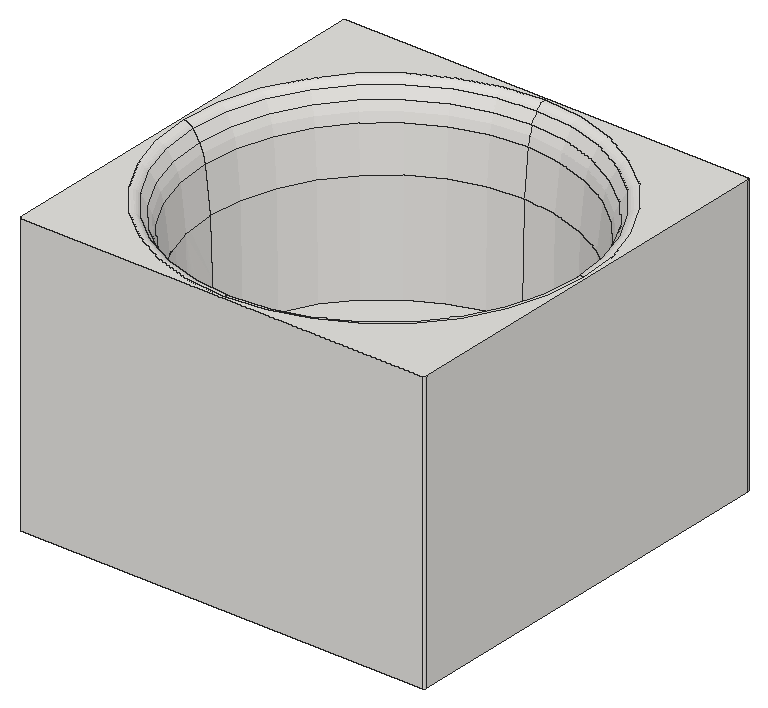
Revit family "Bath-Freestanding-KOHLER-Stillness-K-31404", category Plumbing Fixtures, host Face, Revit 2017
Family settings
  Host = Face
  Round Connector Dimension = Use Diameter
  Part Type = Normal
  OmniClass Number = 23.31.15.00
  OmniClass Title = Bathtubs
  Cut with Voids When Loaded = No
  Shared = No
  Room Calculation Point = No
Parameters (values of type "HW1-Honed White")
  Width = 46"  # constant formula
  WaterSense Certified = 1 = 0  # no
  Waste Water Outlet = "Waste Water Outlet"  # constant formula
  Waste Connection = 1 = 1  # yes
  Vent Connection = 1 = 0  # no
  URL = "https://www.us.kohler.com/us/"
  Type = 1
  Product Page URL = "http://www.us.kohler.com/us/catalog/productDetails.jsp?productId=13404"
  Product Name = "Stillness"  # constant formula
  Product Documentation Link = "https://www.us.kohler.com/webassets/kpna/catalog/pdf/en/K-13404_spec.pdf"
  Model = "K-31404-HW1"  # constant formula
  Material = "Acrylic"  # constant formula
  Master Format 2014 Name = "Residential Bathtubs"  # constant formula
  Master Format 2014 = "22 41 19"  # constant formula
  Manufacturer Address = "444 Highland Dr, Kohler, WI 53044"  # constant formula
  Manufacturer = "KOHLER Co."  # constant formula
  Length = 46"  # constant formula
  Hot Water Inlet = "Hot Water Inlet"  # constant formula
  Height = 31 11/16"  # constant formula
  HW Connection = 1 = 0  # no
  Finish = KOHLER-Acrylic-HW1-Honed_White
  Environmental Product Declaration = ""
  Drain Included = 1 = 1  # yes
  Description = "Soak Freestanding Bath"  # constant formula
  Default Elevation = 0"
  Declare Label = ""
  Date Modified = "12/02/2020"  # constant formula
  Date Created = "12/02/2020"  # constant formula
  Copyright = "Copyright KOHLER Co."  # constant formula
  Contact Us = "https://www.us.kohler.com/us/static/contact.jsp"
  Cold Water Inlet = "Cold Water Inlet"  # constant formula
  CW Connection = 1 = 0  # no
  Assembly Code = "D2010500"
  ADA Compliant = 1 = 0  # no
Reference planes
  plane 1 "Center (Front/Back)": y = 0
  plane 2: z = 0
  plane 3 "Center (Left/Right)": x = 0
  plane 4: y = 584.2
  plane 5: y = 506.412
  plane 6: y = 494.506
  plane 7: y = -57.15
  plane 8: y = -494.506
  plane 9: y = -506.413
  plane 10: y = -584.2
  plane 11: x = 584.2
  plane 12: x = 506.412
  plane 13: x = 494.506
  plane 14: x = -494.506
  plane 15: x = -506.412
  plane 16: x = -584.2
  plane 17: z = 804.862
  plane 18: z = 63.66
  plane 19: z = 273.05
Dimensions and locks
  "Length": plane 16 to plane 11
  "Width": plane 4 to plane 10
  locked: plane 4 to plane 7 at 641.35
  locked: plane 1 "Center (Front/Back)" to plane 4 at 584.2
  locked: plane 8 to plane 6 at 989.012
  locked: plane 9 to plane 5 at 1012.825
  "Height": plane 17 to level
  aligned and locked: plane 2 to host face
  aligned and locked: level to host face
  aligned and locked: plane 3 "Center (Left/Right)" to nested 1
  aligned and locked: plane 1 "Center (Front/Back)" to nested 1
Automatic sketch dimensions
  host sketch curve to host sketch curve = 96"  (x2)
Nested families
  nested 1: "K-31404" at (0, 0, 0), type "K-31404"
Connectors
  piping at (0, -57.15, 63.66), diameter 57.15, driven by "Waste Connection", driven by "Waste Water Outlet"
    settings: on nested 1, index 1, connector inside diameter 24", connector length 0", flow factor 0, pipe flow 0 GPM, pressure drop 0.00 psi, fitting loss kfactor 0, connector angle 0.00°, fixture units 0, engagement length 0", angle of deflection 0.00°, flow configuration 0, flow direction 2, fitting loss method 0, system type 16, joint type 0, gender type 0, connector reference index -1, connector utility 1, adjustable connector no, is connector primary yes, connector description "Waste Water Outlet"
Definition of nested family "K-31404"
  Parameters (values of type "K-31404")
    Material = none
  Reference planes
    plane 1 "Center (Front/Back)": y = 0
    plane 2: z = 0
    plane 3 "Center (Left/Right)": x = 0
    plane 4: x = -584.2
    plane 5: x = 584.2
    plane 6: y = 584.2
    plane 7: y = -584.2
    plane 8: y = -57.15
    plane 9: y = 506.413
    plane 10: y = 494.506
    plane 11: y = -506.413
    plane 12: y = -494.506
    plane 13: x = 506.413
    plane 14: x = 494.506
    plane 15: x = -506.412
    plane 16: x = -494.506
    plane 17: z = 804.862
    plane 18: z = 63.66
    plane 19: z = 273.05
  Forms (mm)
    Extrusion 1, solid, material <- "Material", detail levels medium+fine
      sketch origin (0, 0, 0) x (1, 0, 0) y (0, 1, 0)
        loop
          line (578.506, 584.2) -> (-578.506, 584.2)
          arc (-578.506, 584.2) -> (-582.532, 582.532) -> (-584.2, 578.506) r 5.694
          line (-584.2, 578.506) -> (-584.2, -578.506)
          arc (-584.2, -578.506) -> (-582.532, -582.532) -> (-578.506, -584.2) r 5.694
          line (-578.506, -584.2) -> (578.506, -584.2)
          arc (578.506, -584.2) -> (582.532, -582.532) -> (584.2, -578.506) r 5.694
          line (584.2, -578.506) -> (584.2, 578.506)
          arc (584.2, 578.506) -> (582.532, 582.532) -> (578.506, 584.2) r 5.694
      from 0 to 804.862
    Sweep 2, void
      path origin (0, 0, 0) x (1, 0, 0) y (0, 1, 0)
        loop
          arc (-494.506, 0) -> (-349.669, -349.669) -> (0, -494.506) r 494.506
          arc (0, -494.506) -> (349.669, -349.669) -> (494.506, 0) r 494.506
          arc (494.506, 0) -> (349.669, 349.669) -> (0, 494.506) r 494.506
          arc (0, 494.506) -> (-349.669, 349.669) -> (-494.506, 0) r 494.506
      profile origin (0, 494.506, 0) x (0, -1, 0) y (0, 0, 1)
        loop
          line (56.314, 804.862) -> (-83.344, 804.862)
          arc (-83.344, 804.862) -> (-67.865, 800.954) -> (-56.098, 790.165) r 32.602
          arc (-56.098, 790.165) -> (-46.896, 775.478) -> (-38.339, 760.407) r 400.141
          arc (-38.339, 760.407) -> (-27.828, 736.318) -> (-21.457, 710.82) r 157.94
          arc (-21.457, 710.82) -> (-12.912, 647.19) -> (-7.95, 583.182) r 1144.162
          arc (-7.95, 583.182) -> (-1.041, 381.524) -> (-0.21, 179.749) r 6697.498
          arc (-0.21, 179.749) -> (10.8, 152.539) -> (37.888, 141.232) r 38.1
          line (37.888, 141.232) -> (56.314, 141.232) -> (56.314, 804.862)
    Extrusion 3, void
      sketch origin (0, 0, 0) x (1, 0, 0) y (0, 1, 0)
        loop
          arc (0, 438.192) -> (-309.849, 309.849) -> (-438.192, 0) r 438.192
          arc (-438.192, 0) -> (-309.849, -309.849) -> (0, -438.192) r 438.192
          arc (0, -438.192) -> (309.849, -309.849) -> (438.192, 0) r 438.192
          arc (438.192, 0) -> (309.849, 309.849) -> (0, 438.192) r 438.192
      from 141.232 to 941.451
    Sweep 4, solid, material <- "Material", detail levels medium+fine
      path origin (0, 88.9, 0) x (1, 0, 0) y (0, 1, 0)
        loop
          arc (-584.2, -76.117) -> (-472.333, -10.748) -> (-353.261, 40.333) r 1049.066
          arc (-353.261, 40.333) -> (-179.267, 86.17) -> (0, 101.6) r 1049.066
          arc (0, 101.6) -> (179.267, 86.17) -> (353.261, 40.333) r 1049.066
          arc (353.261, 40.333) -> (472.333, -10.748) -> (584.2, -76.117) r 1049.066
      profile origin (0, 190.5, 0) x (0, 1, 0) y (0, 0, 1)
        loop
          line (-29.333, 266.7) -> (-62.512, 266.7)
          arc (-62.512, 266.7) -> (-116.664, 244.269) -> (-139.095, 190.117) r 76.583
          line (-139.095, 190.117) -> (-139.095, 176.117)
          arc (-139.095, 176.117) -> (-150.254, 149.176) -> (-177.195, 138.017) r 38.1
          line (-177.195, 138.017) -> (-181.314, 138.017) -> (-181.314, 132.956) -> (-177.195, 132.956)
          arc (-177.195, 132.956) -> (-146.676, 145.598) -> (-134.035, 176.117) r 43.16
          line (-134.035, 176.117) -> (-134.035, 190.117)
          arc (-134.035, 190.117) -> (-113.086, 240.691) -> (-62.512, 261.64) r 71.523
          line (-62.512, 261.64) -> (-29.333, 261.64) -> (-29.333, 266.7)
    Extrusion 5, solid, material <- "Material", detail levels medium+fine
      sketch origin (0, 0, 0) x (1, 0, 0) y (0, 1, 0)
        loop
          arc (-567.865, -11.58) -> (-459.126, 51.961) -> (-343.383, 101.613) r 1019.733
          arc (-343.383, 101.613) -> (-174.255, 146.168) -> (0, 161.167) r 1019.733
          arc (0, 161.167) -> (174.255, 146.168) -> (343.383, 101.613) r 1019.733
          arc (343.383, 101.613) -> (459.126, 51.961) -> (567.865, -11.58) r 1019.733
          line (567.865, -11.58) -> (567.865, 521.82) -> (-567.865, 521.82) -> (-567.865, -11.58)
      from 261.64 to 266.7
    Extrusion 6, void
      sketch origin (0, 0, 0) x (1, 0, 0) y (0, 1, 0)
        loop
          line (-536, 536) -> (-536, -536) -> (536, -536) -> (536, 536) -> (-536, 536)
      from 0 to 120.101
    Revolve 7, solid, material <- "Material", detail levels medium+fine
      sketch origin (0, 0, 13.698) x (0, 1, 0) y (0, 0, 1)
        loop
          line (6.35, 106.403) -> (-57.15, 106.403) -> (-57.15, 59.653) -> (-35.413, 59.653)
          arc (-35.413, 59.653) -> (-33.827, 58.996) -> (-33.17, 57.411) r 2.243
          line (-33.17, 57.411) -> (-33.17, 49.962) -> (-22.901, 49.962)
          arc (-22.901, 49.962) -> (-21.499, 50.542) -> (-20.919, 51.944) r 1.982
          line (-20.919, 51.944) -> (-20.919, 83.355)
          arc (-20.919, 83.355) -> (-20.262, 84.94) -> (-18.677, 85.596) r 2.241
          line (-18.677, 85.596) -> (-9.931, 85.596)
          arc (-9.931, 85.596) -> (-8.412, 85.968) -> (-7.237, 86.999) r 3.29
          line (-7.237, 86.999) -> (6.35, 106.403)
        axis (-57.15, 49.962) -> (-57.15, 106.403)
      angle from 0 to 360
    Revolve 8, void
      sketch origin (0, 0, 0.198) x (0, 1, 0) y (0, 0, 1)
        loop
          line (-57.15, 110.601) -> (-39.608, 110.601)
          arc (-39.608, 110.601) -> (-30.811, 112.754) -> (-24.003, 118.725) r 19.05
          line (-24.003, 118.725) -> (-11.316, 136.844)
          arc (-11.316, 136.844) -> (-7.632, 140.074) -> (-2.873, 141.239) r 10.307
          line (-2.873, 141.239) -> (-57.15, 141.239) -> (-57.15, 110.601)
        axis (-57.15, 110.601) -> (-57.15, 141.239)
      angle from 0 to 360
    Revolve 9, solid, detail levels medium+fine
      sketch origin (0, 0, 4.763) x (0, 1, 0) y (0, 0, 1)
        loop
          arc (-19.421, 135.92) -> (-37.918, 141.439) -> (-57.15, 143.087) r 94.551
          line (-57.15, 143.087) -> (-57.15, 124.536) -> (-45.537, 124.536) -> (-45.537, 127.043)
          arc (-45.537, 127.043) -> (-45.304, 127.605) -> (-44.742, 127.838) r 0.796
          line (-44.742, 127.838) -> (-41.603, 127.838) -> (-41.603, 129.108) -> (-42.577, 129.108)
          arc (-42.577, 129.108) -> (-42.992, 129.28) -> (-43.163, 129.694) r 0.586
          line (-43.163, 129.694) -> (-43.163, 133.494)
          arc (-43.163, 133.494) -> (-42.96, 133.985) -> (-42.469, 134.188) r 0.694
          line (-42.469, 134.188) -> (-19.765, 134.188)
          arc (-19.765, 134.188) -> (-18.882, 134.913) -> (-19.421, 135.92) r 0.9
        axis (-57.15, 124.536) -> (-57.15, 143.087)
      angle from 0 to 360
    Extrusion 10, solid, material <- "Material", detail levels coarse
      sketch origin (0, 0, 0) x (1, 0, 0) y (0, 1, 0)
        loop
          line (-584.2, 584.2) -> (-584.2, -584.2) -> (584.2, -584.2) -> (584.2, 584.2) -> (-584.2, 584.2)
      from 0 to 804.862
    Extrusion 11, void
      sketch origin (0, 0, 0) x (1, 0, 0) y (0, 1, 0)
        loop
          arc (-506.412, 0) -> (-358.088, -358.088) -> (0, -506.413) r 506.412
          arc (0, -506.413) -> (358.088, -358.088) -> (506.412, 0) r 506.412
          arc (506.412, 0) -> (358.088, 358.088) -> (0, 506.412) r 506.412
          arc (0, 506.412) -> (-358.088, 358.088) -> (-506.412, 0) r 506.412
      from 266.7 to 804.862
    Extrusion 12, void
      sketch origin (0, 0, 0) x (1, 0, 0) y (0, 1, 0)
        loop
          arc (-501.354, -71.399) -> (-331.886, -382.499) -> (0, -506.413) r 506.412
          arc (0, -506.413) -> (331.886, -382.499) -> (501.354, -71.399) r 506.412
          arc (501.354, -71.399) -> (372.264, -19.605) -> (239.142, 20.711) r 1590.296
          arc (239.142, 20.711) -> (120.514, 43.248) -> (0, 50.8) r 965.383
          arc (0, 50.8) -> (-120.514, 43.248) -> (-239.142, 20.711) r 965.383
          arc (-239.142, 20.711) -> (-372.264, -19.605) -> (-501.354, -71.399) r 1590.296
      from 120.101 to 266.7
  Cuts and joins
    Sweep 2, Extrusion 3, Extrusion 6, Revolve 8 cuts Extrusion 1
    Revolve 8 cuts Revolve 7
    joined: Extrusion 1, Sweep 4, Extrusion 5, Revolve 7
    Extrusion 11, Extrusion 12 cuts Extrusion 10
  Lines and regions (mm)
    Masking region 1
      outline origin (0, 0, 0) x (1, 0, 0) y (0, 1, 0)
        loop
          line (-584.2, 578.506) -> (-584.2, -578.506)
          arc (-584.2, -578.506) -> (-582.532, -582.532) -> (-578.506, -584.2) r 5.694
          line (-578.506, -584.2) -> (578.506, -584.2)
          arc (578.506, -584.2) -> (582.532, -582.532) -> (584.2, -578.506) r 5.694
          line (584.2, -578.506) -> (584.2, 578.506)
          arc (584.2, 578.506) -> (582.532, 582.532) -> (578.506, 584.2) r 5.694
          line (578.506, 584.2) -> (-578.506, 584.2)
          arc (-578.506, 584.2) -> (-582.532, 582.532) -> (-584.2, 578.506) r 5.694
    Masking region 2
      outline origin (0, 0, 0) x (0, 1, 0) y (0, 0, 1)
        loop
          line (577.85, 804.862) -> (-577.85, 804.862)
          arc (-577.85, 804.862) -> (-582.34, 803.003) -> (-584.2, 798.512) r 6.35
          line (-584.2, 798.512) -> (-584.2, 0) -> (584.2, 0) -> (584.2, 798.512)
          arc (584.2, 798.512) -> (582.34, 803.003) -> (577.85, 804.862) r 6.35
    Masking region 3
      outline origin (0, 0, 0) x (1, 0, 0) y (0, 0, 1)
        loop
          arc (-577.85, 804.863) -> (-582.34, 803.003) -> (-584.2, 798.513) r 6.35
          line (-584.2, 798.513) -> (-584.2, 0) -> (584.2, 0) -> (584.2, 798.513)
          arc (584.2, 798.513) -> (582.34, 803.003) -> (577.85, 804.863) r 6.35
          line (577.85, 804.863) -> (-577.85, 804.863)
    symbolic lines
      curve 1: arc (-494.506, 0, 0) -> (-349.669, 349.669, 0) -> (0, 494.506, 0) r 494.506
      curve 3: arc (494.506, 0, 0) -> (349.669, 349.669, 0) -> (0, 494.506, 0) r 494.506
      curve 5: arc (494.506, 0, 0) -> (349.669, -349.669, 0) -> (0, -494.506, 0) r 494.506
      curve 7: arc (-494.506, 0, 0) -> (-349.669, -349.669, 0) -> (0, -494.506, 0) r 494.506
      curve 10: arc (-283.634, 55.4, 0) -> (-143.686, 89.974, 0) -> (0, 101.6, 0) r 893.751
      curve 12: circle (0, -57.15, 0) r 52.231 normal (0, 0, 1)
      curve 13: arc (-489.677, -61.171, 0) -> (-392.266, 7.031, 0) -> (-283.634, 55.4, 0) r 620.526
      curve 17: arc (283.634, 55.4, 0) -> (143.686, 89.974, 0) -> (0, 101.6, 0) r 893.751
      curve 18: arc (489.677, -61.171, 0) -> (392.266, 7.031, 0) -> (283.634, 55.4, 0) r 620.526
    symbolic lines, detail levels medium+fine
      curve 2: arc (-506.412, 0, 0) -> (-358.088, 358.088, 0) -> (0, 506.412, 0) r 506.412
      curve 4: arc (506.412, 0, 0) -> (358.088, 358.088, 0) -> (0, 506.412, 0) r 506.412
      curve 6: arc (506.412, 0, 0) -> (358.088, -358.088, 0) -> (0, -506.413, 0) r 506.412
      curve 8: arc (-506.412, 0, 0) -> (-358.088, -358.088, 0) -> (0, -506.413, 0) r 506.412
      curve 9: arc (-239.142, 20.711, 0) -> (-120.514, 43.248, 0) -> (0, 50.8, 0) r 965.383
      curve 11: circle (0, -57.15, 0) r 38.1 normal (0, 0, 1)
      curve 14: arc (-487.22, -65.079, 0) -> (-364.954, -17.057, 0) -> (-239.142, 20.711, 0) r 1590.296
      curve 15: arc (-487.22, -65.079, 0) -> (-490.137, -64.187, 0) -> (-489.677, -61.171, 0) r 2.333
      curve 16: arc (239.142, 20.711, 0) -> (120.514, 43.248, 0) -> (0, 50.8, 0) r 965.383
      curve 19: arc (487.22, -65.079, 0) -> (364.954, -17.057, 0) -> (239.142, 20.711, 0) r 1590.296
      curve 20: arc (487.22, -65.079, 0) -> (490.137, -64.187, 0) -> (489.677, -61.171, 0) r 2.333
      curve 21: arc (-584.2, 298.45, 0) -> (-500.506, 500.506, 0) -> (-298.45, 584.2, 0) r 285.75
      curve 22: arc (584.2, 298.45, 0) -> (500.506, 500.506, 0) -> (298.45, 584.2, 0) r 285.75
      curve 23: arc (584.2, -298.45, 0) -> (500.506, -500.506, 0) -> (298.45, -584.2, 0) r 285.75
      curve 24: arc (-584.2, -298.45, 0) -> (-500.506, -500.506, 0) -> (-298.45, -584.2, 0) r 285.75
  Dimensions and locks
    plane 4 to plane 5 = 46"
    plane 8 to plane 6 = 25 1/4"
    plane 9 to plane 11 = 39 7/8"
    plane 12 to plane 10 = 38 15/16"
    plane 17 to level = 31 11/16"
    plane 17 to plane 19 = 20 15/16"
    aligned and locked: plane 2 to level
